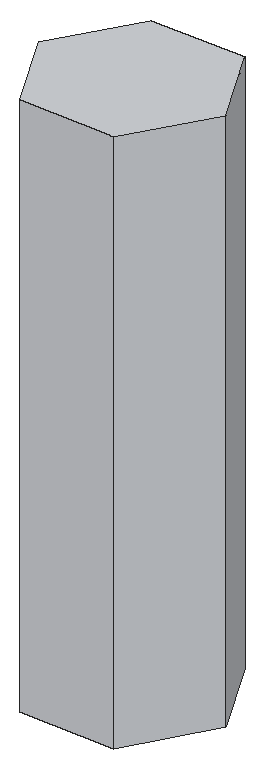
Revit family "$Player_Cat", category Generic Models, Revit 2020
Family settings
  Can host rebar = No
  Round Connector Dimension = Use Diameter
  Part Type = Normal
  Work Plane-Based = No
  Always vertical = Yes
  Cut with Voids When Loaded = No
  Shared = No
  Room Calculation Point = No
Parameters (values of type "SD")
  yes = 2 > 1  # yes
  show_standard [instance] = not(show_overweight)  # yes
  show_overweight [instance] = _property_is_overweight  # no
  no = not(yes)  # no
  _property_positionID = 0
  _property_name = Player Name  # "Peter"
  _property_luck = 50
  _property_is_overweight = no
  _property_hold_status = ""
  _asset_tools = ""
  _asset_skills = ""
  _asset_money = 100
  _asset_direction = 1
  Player Name = "Peter"
  Default Elevation = 0 mm
Reference planes
  plane 1 "Center (Front/Back)": y = 0
  plane 2: z = 0
  plane 3 "Center (Left/Right)": x = 0
Forms (mm)
  Extrusion 1, solid, visible <- "show_standard"
    sketch origin (0, 0, 0) x (1, 0, 0) y (0, 1, 0)
      loop
        line (300, 0) -> (150, 259.808) -> (-150, 259.808) -> (-300, 0) -> (-150, -259.808) -> (150, -259.808) -> (300, 0)
    from 0 to 1750
  Extrusion 2, solid, visible <- "show_overweight"
    sketch origin (0, 0, 0) x (1, 0, 0) y (0, 1, 0)
      loop
        line (500, 0) -> (250, 433.013) -> (-250, 433.013) -> (-500, 0) -> (-250, -433.013) -> (250, -433.013) -> (500, 0)
    from 0 to 1300
Dimensions and locks
  aligned and locked: plane 2 to level
  aligned and locked: plane 1 "Center (Front/Back)" to nested 1
  aligned and locked: plane 3 "Center (Left/Right)" to nested 1
Nested families
  nested 1: "NAME_SYMBOL" at (0, 0, 0), _property_name <- "_property_name", type "NAME_SYMBOL"
    with _property_name "Peter"
Definition of nested family "NAME_SYMBOL"
  Parameters (values of type "NAME_SYMBOL")
    _property_name [instance] = ""
  Reference planes
    plane 1: y = 0
    plane 2: x = 0
  Lines and regions (mm)
    detail lines
      curve 1: line (-15, -5, 0) -> (15, -5, 0)
      curve 2: line (-15, 5, 0) -> (-15, -5, 0)
      curve 3: line (15, 5, 0) -> (-15, 5, 0)
      curve 4: line (15, -5, 0) -> (15, 5, 0)
  Text (mm)
    label "A" at (0.077, 0.299, 0), shows "_property_name"
